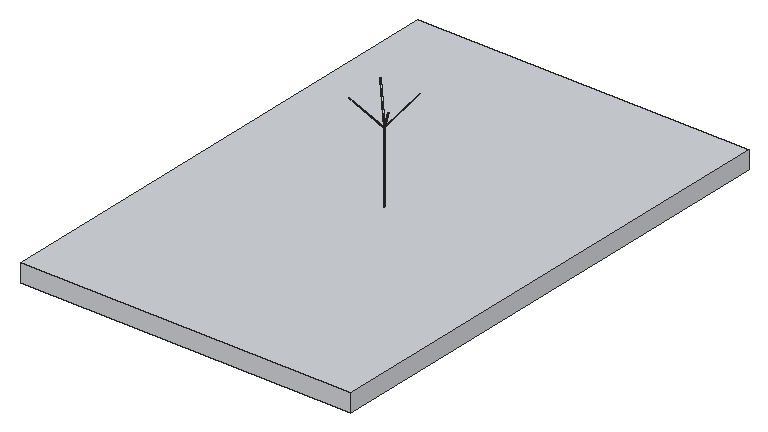
Revit family "STORA-RP 650x", category Leuchten, Revit 2020
Family settings
  Basisbauteil = Fläche
  Bemaßung runder Anschluss = Durchmesser verwenden
  Teiletyp = Normal
  OmniClass-Nummer = 23.80.70.11
  OmniClass-Titel = Luminaries for Internal Lighting
  Beim Laden mit Abzugskörper schneiden = Nein
  Lichtquelle = Ja
  Gemeinsam genutzt = Nein
  Raumberechnungspunkt = Nein
Parameters (values of type "STORA-RP 650 6000/830 OS")
  width = 650 mm  # constant formula
  weight = "5,5 kg"
  voltage type (AC, DC, UC) = "AC"
  suspension hight [instance] = 400 mm
  rated input power = 37  # constant formula
  product name = "STORA-RP 650 6000/830 OS"
  nominal voltage = "230"
  nominal frequency = "50-60Hz"
  length = 650 mm  # constant formula
  ingress protection (IP) code = "IP20"
  height = 50 mm  # constant formula
  electrical safety class = "1"
  control gear = ""
  conformity mark = "CE"  # constant formula
  brand = "Spectral"  # constant formula
  approval mark = ""
  Wire length = 200 mm  # constant formula
  built-in parameter 1150104 = 13.8 (stored number, unit not read)
  Wattage = 29.4866 W
  Von Kreisdurchmesser aussenden = 641 mm  # constant formula
  Default Elevation = 0 mm
  built-in parameter 1150113 = 1 (stored number, unit not read)
  built-in parameter 1114218 = 1 (stored number, unit not read)
  URL = "www.spectral.de"
  built-in parameter 1150134 = (empty or 0)
  built-in parameter 1150109 = 1 (stored number, unit not read)
  built-in parameter 1150110 = 1 (stored number, unit not read)
  Apparent Load = 37 VA  # constant formula
  Tilt Angle = 90.00°
  Modell = "SPC0620064"
  built-in parameter 1114217 = 1 (stored number, unit not read)
  built-in parameter 1150139 = (empty or 0)
  built-in parameter 1150105 = 348.55 (stored number, unit not read)
  built-in parameter 1150114 = 1 (stored number, unit not read)
  Lumens = 4380 lm
  built-in parameter 1150115 = 1 (stored number, unit not read)
  built-in parameter 1150112 = 1 (stored number, unit not read)
  Lampe = "LED"
  Hersteller = "RIDI Leuchten GmbH"  # constant formula
  Dimming Lamp Color Temperature Shift = (empty or 0)
  Color Filter = 16777215
  built-in parameter 1150133 = 10 (stored number, unit not read)
  Emit Shape Visible in Rendering = no
  built-in parameter 1150137 = (empty or 0)
  built-in parameter 1150132 = 2
  Datei für fotometrisches Netz = "STORA-RP_650_OS.IES"
  Copyright = "© RIDI. All rights reserved."  # constant formula
  built-in parameter 1150106 = 3.4855 (stored number, unit not read)
  Baugruppenkennzeichen = "D5020200"
  built-in parameter 1150107 = 3000 (stored number, unit not read)
  built-in parameter 1150102 = (empty or 0)
  built-in parameter 1150138 = (empty or 0)
Types (5, lengths in mm): name | weight | product name | Wattage | Modell | built-in parameter 1150105 | Lumens | built-in parameter 1150106
  (no name) | "5,5 kg" | "STORA-RP 650 6000/830 OS" | 29.4866 W | "SPC0620064" | 348.55 (stored number, unit not read) | 4380 lm | 3.4855 (stored number, unit not read)
  STORA-RP 650 6000/830 OS | "5,5 kg" | "STORA-RP 650 6000/830 OS" | 29.4866 W | "SPC0620064" | 348.55 (stored number, unit not read) | 4380 lm | 3.4855 (stored number, unit not read)
  STORA-RP 650 DAFWS830OS | "7,5 kg" | "STORA-RP 650 DAFWS830OS" | 29.4866 W | "SPC0630064" | 348.55 (stored number, unit not read) | 4380 lm | 3.4855 (stored number, unit not read)
  STORA-RP 650 6000/840 OS | "5,5 kg" | "STORA-RP 650 6000/840 OS" | 30.9677 W | "SPC0620065" | 366.06 (stored number, unit not read) | 4600 lm | 3.6606 (stored number, unit not read)
  STORA-RP 650 6000/840 OS-DA | "7,5 kg" | "STORA-RP 650 6000/840 OS-DA" | 32.8527 W | "SPC0630065" | 388.34 (stored number, unit not read) | 4880 lm | 3.8834 (stored number, unit not read)
Reference planes
  plane 1 "Mitte (Vorne/hinten)": y = 0
  plane 2: z = 0.315
  plane 3 "Mitte (Links/rechts)": x = 0
  plane 4: z = 400.315
Forms (mm)
  Extrusion 1, solid
    sketch origin (219.2, 280.8, 0) x (1, 0, 0) y (0, 1, 0)
      loop
        line (-1219.2, 1219.2) -> (-1219.2, -1780.8) -> (780.8, -1780.8) -> (780.8, 1219.2) -> (-1219.2, 1219.2)
    from 0.315 to -107.307
  Extrusion 2, solid
    sketch origin (0, 0, 0) x (1, 0, 0) y (0, 1, 0)
      loop
        circle (0, 0) r 3
    from 400.315 to 425.315
  Blend 3, solid
    base sketch origin (0.103, 1.718, 0) x (1, 0, 0) y (0, 1, 0)
      loop
        circle (-0.103, -1.718) r 1
    top sketch origin (0.103, 1.718, 0) x (1, 0, 0) y (0, 1, 0)
      loop
        circle (119.897, 118.282) r 1
    from 425.315 to 600.315
  Blend 4, solid
    base sketch origin (0, 0, 0) x (1, 0, 0) y (0, 1, 0)
      loop
        circle (-120, 120) r 1
    top sketch origin (0, 0, 0) x (1, 0, 0) y (0, 1, 0)
      loop
        circle (0, 0) r 1
    from 600.315 to 425.315
  Blend 5, solid
    base sketch origin (0, 0, 0) x (1, 0, 0) y (0, 1, 0)
      loop
        circle (-120, -120) r 1
    top sketch origin (0, 0, 0) x (1, 0, 0) y (0, 1, 0)
      loop
        circle (0, 0) r 1
    from 600.315 to 425.315
  Blend 6, solid
    base sketch origin (0, 0, 0) x (1, 0, 0) y (0, 1, 0)
      loop
        circle (120, -120) r 1
    top sketch origin (0, 0, 0) x (1, 0, 0) y (0, 1, 0)
      loop
        circle (0, 0) r 1
    from 600.315 to 425.315
  Extrusion 7, solid
    sketch origin (0, 0, 0) x (1, 0, 0) y (0, 1, 0)
      loop
        circle (0, 0) r 1.5
    from 0.315 to 400.315
Dimensions and locks
  "suspension hight": plane 4 to Extrusion 1
  locked: plane 3 "Mitte (Links/rechts)" to Blend 3 sketch curve
  plane 1 "Mitte (Vorne/hinten)" to Blend 3 sketch curve = 120 mm
  plane 3 "Mitte (Links/rechts)" to Blend 3 sketch curve = 120 mm
  locked: plane 4 to Extrusion 2 at 25
  "Wire length": plane 4 to Blend 3
  Blend 4 sketch curve to plane 3 "Mitte (Links/rechts)" = 120 mm
  plane 1 "Mitte (Vorne/hinten)" to Blend 4 sketch curve = 120 mm
  "Wire length": plane 4 to Blend 4
  Blend 5 sketch curve to plane 3 "Mitte (Links/rechts)" = 120 mm
  Blend 5 sketch curve to plane 1 "Mitte (Vorne/hinten)" = 120 mm
  Blend 6 sketch curve to plane 1 "Mitte (Vorne/hinten)" = 120 mm
  plane 3 "Mitte (Links/rechts)" to Blend 6 sketch curve = 120 mm
  "Wire length": Blend 5 to plane 4
  "Wire length": Blend 6 to plane 4
  aligned and locked: plane 2 to Extrusion 1
  aligned and locked: imposter light to plane 1 "Mitte (Vorne/hinten)"
  aligned and locked: Extrusion 2 to plane 4
  aligned and locked: Blend 3 to Extrusion 2
  aligned and locked: Blend 4 to Extrusion 2
  aligned and locked: Blend 5 to Extrusion 2
  aligned and locked: Blend 6 to Extrusion 2
  aligned and locked: Extrusion 7 to Extrusion 1
  aligned and locked: Extrusion 7 to Extrusion 2
  aligned and locked: import instance to Blend 5
  aligned and locked: imposter light to import instance
Automatic sketch dimensions
  Extrusion 1 sketch curve to Extrusion 1 sketch curve = 2000 mm
  Extrusion 1 sketch curve to Extrusion 1 sketch curve = 3000 mm
  plane 1 "Mitte (Vorne/hinten)" to Extrusion 2 sketch curve = 0 mm
  Extrusion 2 sketch curve to plane 3 "Mitte (Links/rechts)" = 0 mm
  plane 1 "Mitte (Vorne/hinten)" to Blend 3 sketch curve = 0 mm
  plane 1 "Mitte (Vorne/hinten)" to Blend 4 sketch curve = 0 mm
  Blend 4 sketch curve to plane 3 "Mitte (Links/rechts)" = 0 mm
  plane 1 "Mitte (Vorne/hinten)" to Blend 5 sketch curve = 0 mm
  Blend 5 sketch curve to plane 3 "Mitte (Links/rechts)" = 0 mm
  plane 1 "Mitte (Vorne/hinten)" to Blend 6 sketch curve = 0 mm
  Blend 6 sketch curve to plane 3 "Mitte (Links/rechts)" = 0 mm
  plane 1 "Mitte (Vorne/hinten)" to Extrusion 7 sketch curve = 0 mm
  Extrusion 7 sketch curve to plane 3 "Mitte (Links/rechts)" = 0 mm
  radius of Extrusion 2 sketch curve = 3 mm
  radius of Blend 3 sketch curve = 1 mm  (x2)
  radius of Blend 4 sketch curve = 1 mm  (x2)
  radius of Blend 5 sketch curve = 1 mm  (x2)
  radius of Blend 6 sketch curve = 1 mm  (x2)
  radius of Extrusion 7 sketch curve = 1.5 mm
Connectors
  electrical at (0, 0, 602.234), driven by "Apparent Load"
    settings: on import instance, index 1, voltage 230 V, apparent load 0 VA, apparent load phase1 37 VA, apparent load phase2 0 VA, apparent load phase3 0 VA, power factor 1, load classification "Lighting", number of poles 1, system type 31, power factor state 1, is connector primary yes, connector utility no, sub classification motor no, connector description ""
